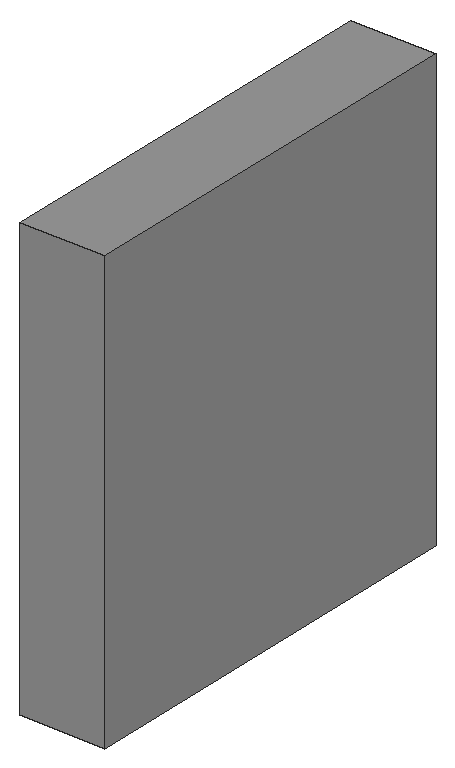
Revit family "PRE050023-FR", category Accessoire de canalisation, Revit 2017
Family settings
  Cote de connecteur circulaire = Utiliser le diamètre
  Type d'élément = Normal
  Basée sur le plan de construction = Non
  Toujours verticalement = Oui
  Couper avec des vides une fois chargée = Non
  Partagée = Non
Parameters (values of type "75128 Presto Sanifirst Mitigeur hospitalier à bec fixe ou ajustable, démontable - Modul'Mix")
  Variantes = "75128-75148-75164-75716-75718"
  LC = 15 mm
  Garantie = "10 ans contre tout vice de fabrication"
  URL Fabricant = "http://www.prestodatashare.com/centretelechargement/index.php?lang=FR&refs=75128"
  URL = "http://www.prestodatashare.com/centretelechargement/index.php?lang=FR&refs=75128"
  Lien notice d'utilisation = "http://www.prestodatashare.com/centretelechargement/support.php?lang=FR&ref=75128"
  Lien fiche produit = "http://www.prestodatashare.com/espacedoc/Fiches_Techniques/FR/75128.pdf"
  Reference = "75128"
  Pression = "3 bars"
  Polantis code = "PRE050023-FR"
  Perte de charge = 0.0 Pa
  Profondeur = 244 mm
  Modèle = "75128 Presto Sanifirst Mitigeur hospitalier à bec fixe ou ajustable, démontable - Modul'Mix"
  Matériau = Laiton poli chromé
  Lien CCTP = "http://www.prestodatashare.com/centretelechargement/index.php?lang=FR&refs=75128"
  Largeur = 50 mm
  PC = 25 mm
  Hauteur = 260 mm
  Fonction = "Mitigeur modul'mix a bec démontable\r\r\nH : 100mm / S :200mm\r\r\ncommande au coude\r\r\nRéférence : 75128"
  Flux = 0.1 L/s
  Finition = "Corps et volants en laiton poli chromé"
  Fabricant = "LES ROBINETS PRESTO S.A."
  Diamètre Nominal = 12 mm
  Description = "Mitigeur hospitalier monotrou (conception modul’mix) sans vidage pour lave-mains, avec commande longue médicale Lg220mm qui évite le contact manuel, utilisation au coude, avant-bras ou poignet. Bec fixe ou orientable, lisse et démontable pour la désinfection Lg 200mm. Hauteur sous bec 100mm. Hauteur et longueur du bec adaptables sans changer toute la robinetterie. Cartouche céramique Ø 40 multifonction : butée de limitation de température  avec 7 positions de réglage, double débit et réglage possible de 2l à 13,8l/min.  Robinetterie montée d’origine avec un aérateur étoile limitant le risque d’entartrage, supprimant la rétention d’eau, les impuretés et résistant aux chocs chlorés et thermiques. Corps lisse, bec et organe de manœuvre en laiton poli chromé. Flexibles avec gaine SPEX tressée inox M10X1, EP G’3/8, Lg 500mm. Fixation renforcée par une tige inox. Garantie 10 ans. Résistant aux chocs chlorés et thermiques. Marque Sanifirst type mitigeur hospitalier monotrou à bec fixe ou orientable lisse démontable pour lave-mains REF : 75128 ou équivalent approuvé."
  Debit = "Débit entre 4 et 6L/min à 3 bar"
  Raccordement = "Flexibles SPEX 500 mm M10 X 1 EP G'3/8"
  Adresse = "7, RUE RACINE - 92542 MONTROUGE CEDEX FRANCE"
Types (5, lengths in mm): name | Garantie | URL Fabricant | URL | Lien notice d'utilisation | Lien fiche produit | Reference | Polantis code | Modèle | Lien CCTP | Fonction | Description | Raccordement
  75718 Presto Sanifirst Mitigeur hospitalier à bec fixe ou ajustable, démontable, avec cartouche à équilibrage de pression - Modul'Mix | "10 ans contre tout vice de fabrication" | "http://www.prestodatashare.com/centretelechargement/index.php?lang=FR&refs=75718" | "http://www.prestodatashare.com/centretelechargement/index.php?lang=FR&refs=75718" | "http://www.prestodatashare.com/centretelechargement/support.php?lang=FR&ref=75718" | "http://www.prestodatashare.com/espacedoc/Fiches_Techniques/FR/75718.pdf" | "75718" | "PRE050023d-FR" | "75718 Presto Sanifirst Mitigeur hospitalier à bec fixe ou ajustable, démontable, avec cartouche à équilibrage de pression - Modul'Mix" | "http://www.prestodatashare.com/centretelechargement/index.php?lang=FR&refs=75718" | "Mitigeur modul'mix a bec démontable\r\r\nH : 100mm / S : 200mm\r\r\ncommande au coude\r\r\nequilibrage de pression\r\r\nRéférence : 75718" | "Mitigeur hospitalier monotrou (conception modul’mix) sans vidage pour lave-mains, avec commande longue médicale Lg 170mm qui évite le contact manuel, utilisation au coude, avant-bras ou poignet. Bec fixe ou orientable, lisse et démontable pour la désinfection Lg 200mm. Hauteur sous bec 100mm. Hauteur et longueur du bec adaptables sans changer toute la robinetterie. Cartouche céramique Ø 40 équilibrage de pression : butée de limitation de température  avec 7 positions de réglage, double débit et clapets anti retour intégrés.  Robinetterie montée d’origine avec un aérateur étoile limitant le risque d’entartrage, supprimant la rétention d’eau, les impuretés et résistant aux chocs chlorés et thermiques. Corps lisse, bec et organe de manœuvre en laiton poli chromé. Flexibles avec gaine SPEX tressée inox M10X1, EP G’3/8, Lg 500mm. Fixation renforcée par une tige inox. Garantie 10 ans. Résistant aux chocs chlorés et thermiques. Marque Sanifirst type mitigeur hospitalier équilibrage de pression monotrou à bec fixe ou orientable lisse démontable pour lave-mains REF : 75718 ou équivalent approuvé." | "Flexibles avec gaine SPEX tressée inox M10X1, EP G’3/8, Lg 350mm."
  75716 Presto Sanifirst Mitigeur hospitalier monotrou à bec fixe ou ajustable, décliptable - Modul'Mix | "10 ans contre tout vice de fabrication" | "http://www.prestodatashare.com/centretelechargement/index.php?lang=FR&refs=75716" | "http://www.prestodatashare.com/centretelechargement/index.php?lang=FR&refs=75716" | "http://www.prestodatashare.com/centretelechargement/support.php?lang=FR&ref=75716" | "http://www.prestodatashare.com/espacedoc/Fiches_Techniques/FR/75716.pdf" | "75716" | "PRE050023c-FR" | "75716 Presto Sanifirst Mitigeur hospitalier monotrou à bec fixe ou ajustable, décliptable - Modul'Mix" | "http://www.prestodatashare.com/centretelechargement/index.php?lang=FR&refs=75716" | "Mitigeur modul'mix a bec décliptable\r\r\nH : 100mm / S : 200mm\r\r\ncommande au coude\r\r\nRéférence : 75716" | "Mitigeur hospitalier monotrou (conception modul’mix) sans vidage pour lave-mains, avec commande longue médicale Lg 170mm qui évite le contact manuel, utilisation au coude, avant-bras ou poignet. Bec fixe ou orientable, lisse et décliptable avec obturation pour la désinfection Lg 200mm. Hauteur sous bec 100mm. Hauteur et longueur du bec adaptables sans changer toute la robinetterie. Cartouche céramique Ø 40 multifonction : butée de limitation de température  avec 7 positions de réglage, double débit et réglage possible de 2l à 13,8l/min.  Robinetterie montée d’origine avec un aérateur étoile limitant le risque d’entartrage, supprimant la rétention d’eau, les impuretés et résistant aux chocs chlorés et thermiques. Corps lisse, bec et organe de manœuvre en laiton poli chromé. Flexibles avec gaine SPEX tressée inox M10X1, EP G’3/8, Lg 500mm. Fixation renforcée par une tige inox. Garantie 10 ans. Résistant aux chocs chlorés et thermiques. Marque Sanifirst type mitigeur hospitalier monotrou à bec fixe ou orientable lisse décliptable pour lave-mains REF : 75716 ou équivalent approuvé." | "Flexibles SPEX 500 mm M10 X 1 EP G'3/8"
  75164 Presto Sanifirst Mitigeur hospitalier à bec fixe ou ajustable, démontable - Modul'Mix | "10 ans contre tout vice de fabrication" | "http://www.prestodatashare.com/centretelechargement/index.php?lang=FR&refs=75164" | "http://www.prestodatashare.com/centretelechargement/index.php?lang=FR&refs=75164" | "http://www.prestodatashare.com/centretelechargement/support.php?lang=FR&ref=75164" | "http://www.prestodatashare.com/espacedoc/Fiches_Techniques/FR/75164.pdf" | "75164" | "PRE050023b-FR" | "75164 Presto Sanifirst Mitigeur hospitalier à bec fixe ou ajustable, démontable - Modul'Mix" | "http://www.prestodatashare.com/centretelechargement/index.php?lang=FR&refs=75164" | "Mitigeur électronique pile\r\r\nHauteur sous bec : 100 mm\r\r\nSaillie : 200 mm\r\r\nRéférence : 75164" | "Mitigeur hospitalier électronique pile monotrou (conception modul’mix) sans vidage pour lave-mains,livré avec commande sphérique chromée permettant le réglage de la température (commande longue disponible sur demande). Bec fixe ou orientable, lisse et démontable pour la désinfection Lg 200mm. Hauteur sous bec 100mm. Hauteur et longueur du bec adaptables sans changer toute la robinetterie. Cartouche céramique Ø 40 multifonction : butée de limitation de température  avec 7 positions de réglage, débit bloqué réglage. Cellule infra-rouge intégrée dans le corps, démontable sans dépose du robinet.  Boitier d’alimentation IP65 avec pile lithium 6V. Robinetterie montée d’origine avec un aérateur étoile limitant le risque d’entartrage, supprimant la rétention d’eau, les impuretés et résistant aux chocs chlorés et thermiques. Corps lisse, bec et organe de manœuvre en laiton poli chromé. Flexibles avec gaine SPEX tressée inox M10X1, EP G’3/8, Lg 500mm, filtres, électrovannes avec membrane silicone M G’3/8. Fixation renforcée par une tige inox. Garantie 10 ans. Résistant aux chocs chlorés et thermiques. Programme de prévention « anti-bactérie » personnalisable (purges, fréquences, durée, etc) Marque Sanifirst type mitigeur hospitalier électronique secteur monotrou à bec fixe ou orientable lisse pour lave-mains REF : 75164 ou équivalent approuvé." | "Flexibles SPEX 500 mm M10 X 1 EP G'3/8"
  75128 Presto Sanifirst Mitigeur hospitalier à bec fixe ou ajustable, démontable - Modul'Mix | "10 ans contre tout vice de fabrication" | "http://www.prestodatashare.com/centretelechargement/index.php?lang=FR&refs=75128" | "http://www.prestodatashare.com/centretelechargement/index.php?lang=FR&refs=75128" | "http://www.prestodatashare.com/centretelechargement/support.php?lang=FR&ref=75128" | "http://www.prestodatashare.com/espacedoc/Fiches_Techniques/FR/75128.pdf" | "75128" | "PRE050023-FR" | "75128 Presto Sanifirst Mitigeur hospitalier à bec fixe ou ajustable, démontable - Modul'Mix" | "http://www.prestodatashare.com/centretelechargement/index.php?lang=FR&refs=75128" | "Mitigeur modul'mix a bec démontable\r\r\nH : 100mm / S :200mm\r\r\ncommande au coude\r\r\nRéférence : 75128" | "Mitigeur hospitalier monotrou (conception modul’mix) sans vidage pour lave-mains, avec commande longue médicale Lg220mm qui évite le contact manuel, utilisation au coude, avant-bras ou poignet. Bec fixe ou orientable, lisse et démontable pour la désinfection Lg 200mm. Hauteur sous bec 100mm. Hauteur et longueur du bec adaptables sans changer toute la robinetterie. Cartouche céramique Ø 40 multifonction : butée de limitation de température  avec 7 positions de réglage, double débit et réglage possible de 2l à 13,8l/min.  Robinetterie montée d’origine avec un aérateur étoile limitant le risque d’entartrage, supprimant la rétention d’eau, les impuretés et résistant aux chocs chlorés et thermiques. Corps lisse, bec et organe de manœuvre en laiton poli chromé. Flexibles avec gaine SPEX tressée inox M10X1, EP G’3/8, Lg 500mm. Fixation renforcée par une tige inox. Garantie 10 ans. Résistant aux chocs chlorés et thermiques. Marque Sanifirst type mitigeur hospitalier monotrou à bec fixe ou orientable lisse démontable pour lave-mains REF : 75128 ou équivalent approuvé." | "Flexibles SPEX 500 mm M10 X 1 EP G'3/8"
  75148 Presto Sanifirst Mitigeur électronique sur secteur à bec fixe ou ajustable, démontable - Modul'Mix | "3 ans contre tout vice de fabrication" | "http://www.prestodatashare.com/centretelechargement/index.php?lang=FR&refs=75148" | "http://www.prestodatashare.com/centretelechargement/index.php?lang=FR&refs=75148" | "http://www.prestodatashare.com/centretelechargement/support.php?lang=FR&ref=75148" | "http://www.prestodatashare.com/espacedoc/Fiches_Techniques/FR/75148.pdf" | "75148" | "PRE050023a-FR" | "75148 Presto Sanifirst Mitigeur électronique sur secteur à bec fixe ou ajustable, démontable - Modul'Mix" | "http://www.prestodatashare.com/centretelechargement/index.php?lang=FR&refs=75148" | "Mitigeur électronique secteur\r\r\nHauteur sous bec : 100 mm\r\r\nSaillie : 150 mm\r\r\nRéférence : 75148" | "Mitigeur hospitalier électronique secteur monotrou (conception modul’mix) sans vidage pour lave-mains,livré avec commande sphérique chromée permettant le réglage de la température (commande longue disponible sur demande). Bec fixe ou orientable, lisse et démontable pour la désinfection Lg 150mm. Hauteur sous bec 100mm. Hauteur et longueur du bec adaptables sans changer toute la robinetterie. Cartouche céramique Ø 40 multifonction : butée de limitation de température  avec 7 positions de réglage, débit bloqué réglage. Cellule infra-rouge intégrée dans le corps, démontable sans dépose du robinet. Boîtier électronique secteur indépendant IP65, alimentation 230V, sortie 6V. Robinetterie montée d’origine avec un brise-jet étoile limitant le risque d’entartrage, supprimant la rétention d’eau, les impuretés et résistant aux chocs chlorés et thermiques. Corps lisse, bec et organe de manœuvre en laiton poli chromé. Flexibles avec gaine SPEX tressée inox M10X1, EP G’3/8, Lg 500mm, filtres, électrovannes avec membrane silicone M G’3/8. Fixation renforcée par une tige inox. Garantie 3 ans. Résistant aux chocs chlorés et thermiques. Programme de prévention « anti-bactérie » personnalisable (purges, fréquences, durée, etc) Marque Sanifirst type mitigeur hospitalier électronique secteur monotrou à bec fixe ou orientable lisse pour lave-mains REF : 75147 ou équivalent approuvé." | "Flexibles SPEX 500 mm M10 X 1 EP G'3/8"
Reference planes
  plane 1 "Centre (avant/arrière)": y = 0
  plane 2: z = 0
  plane 3 "Centre (gauche/droite)": x = 0
  plane 4: y = -244
  plane 5: x = 50
  plane 6: z = 260
  plane 7: x = 25
  plane 8: z = 1
  plane 9: y = -25
  plane 10: x = 15
  plane 11: x = 35
Forms (mm)
  Extrusion 1, solid, material "Laiton poli chromé" <- "Matériau", detail levels fine
    sketch origin (0, 0, 0) x (1, 0, 0) y (0, 1, 0)
      loop
        line (0, 0) -> (0, -244) -> (50, -244) -> (50, 0) -> (0, 0)
    from 0 to 260
  Extrusion 2, solid, material "Laiton poli chromé" <- "Matériau", detail levels fine
    sketch origin (0, 0, 0) x (1, 0, 0) y (0, 1, 0)
      loop
        circle (15, -25) r 5
    from 0 to 1
  Extrusion 3, solid, material "Laiton poli chromé" <- "Matériau", detail levels fine
    sketch origin (0, 0, 0) x (1, 0, 0) y (0, 1, 0)
      loop
        circle (35, -25) r 5
    from 0 to 1
Cuts and joins
  joined: Extrusion 1, Extrusion 2, Extrusion 3
Dimensions and locks
  "Profondeur": plane 1 "Centre (avant/arrière)" to plane 4
  "Largeur": plane 3 "Centre (gauche/droite)" to plane 5
  "Hauteur": plane 6 to level
  equal spacing: plane 3 "Centre (gauche/droite)", plane 7, plane 5
  locked: plane 8 to plane 2 at 1
  "PC": plane 1 "Centre (avant/arrière)" to plane 9
  "LC": plane 3 "Centre (gauche/droite)" to plane 10
  "LC": plane 11 to plane 5
  aligned and locked: level to plane 2
  aligned and locked: plane 1 "Centre (avant/arrière)" to Extrusion 1 sketch curve
  aligned and locked: plane 3 "Centre (gauche/droite)" to Extrusion 1 sketch curve
  aligned and locked: plane 4 to Extrusion 1 sketch curve
  aligned and locked: plane 5 to Extrusion 1 sketch curve
  aligned and locked: plane 6 to Extrusion 1
  aligned and locked: plane 8 to Extrusion 2
  aligned and locked: plane 8 to Extrusion 3
  aligned and locked: nested 2 to plane 3 "Centre (gauche/droite)"
  aligned and locked: nested 2 to plane 4
Automatic sketch dimensions
  Extrusion 2 sketch curve to plane 9 = 0 mm
  Extrusion 2 sketch curve to plane 10 = 0 mm
  Extrusion 3 sketch curve to plane 9 = 0 mm
  Extrusion 3 sketch curve to plane 11 = 0 mm
  radius of Extrusion 2 sketch curve = 5 mm
  radius of Extrusion 3 sketch curve = 5 mm
Nested families
  nested 1: "SymboliqueA6" at (0, -25, 0) x (0, 1, 0) z (0, 0, 1), type "SymboliqueA6", detail levels coarse+medium
  nested 2: "S2DA6" at (50, -122, 0) x (0, 1, 0) z (0, 0, 1), type "S2DA6", detail levels coarse+medium
Connectors
  piping at (15, -25, 0), diameter 12, driven by "Diamètre Nominal", driven by "Flux", driven by "Perte de charge"
    settings: on Extrusion 2, index 3, connector inside diameter 609.6 mm, connector length 0 mm, flow factor 0, pipe flow 0.1 L/s, pressure drop 0.0 Pa, fitting loss kfactor 0, connector angle 0.00°, fixture units 0, engagement length 0 mm, angle of deflection 0.00°, flow configuration 0, flow direction 1, fitting loss method 4, system type 19, joint type 0, gender type 0, connector reference index -1, connector utility 0, adjustable connector no, is connector primary yes, connector description ""
  piping at (35, -25, 0), diameter 12, driven by "Flux", driven by "Perte de charge", driven by "Diamètre Nominal"
    settings: on Extrusion 3, index 4, connector inside diameter 609.6 mm, connector length 0 mm, flow factor 0, pipe flow 0.1 L/s, pressure drop 0.0 Pa, fitting loss kfactor 0, connector angle 0.00°, fixture units 0, engagement length 0 mm, angle of deflection 0.00°, flow configuration 0, flow direction 1, fitting loss method 4, system type 20, joint type 0, gender type 0, connector reference index -1, connector utility 0, adjustable connector no, is connector primary no, connector description ""
Definition of nested family "SymboliqueA6"
  Parameters (values of type "SymboliqueA6")
    V = yes
    P = 1000 mm
    L = 1000 mm
    H = 1000 mm
  Reference planes
    plane 1 "Centre (avant/arrière)": y = 0
    plane 2: z = 0
    plane 3 "Centre (gauche/droite)": x = 0
    plane 4: y = -1000
    plane 5: x = -500
    plane 6: x = 500
    plane 7: z = 1000
    plane 8: z = 500
    plane 9: y = -500
  Lines and regions (mm)
    model lines
      curve 1: line (0, -1000, 1000) -> (0, 0, 0)
      curve 2: line (0, 0, 0) -> (0, -1000, 0)
      curve 3: line (0, -1000, 0) -> (0, 0, 1000)
      curve 4: line (0, 0, 1000) -> (0, -1000, 1000)
  Dimensions and locks
    "H": plane 7 to plane 2
    equal spacing: plane 5, plane 3 "Centre (gauche/droite)", plane 6
    "L": plane 5 to plane 6
    equal spacing: plane 7, plane 8, level
    equal spacing: plane 4, plane 9, plane 1 "Centre (avant/arrière)"
    "P": plane 1 "Centre (avant/arrière)" to plane 4
    aligned and locked: level to plane 2
  Automatic sketch dimensions
    curve 3 to level = 0 mm
    curve 1 to plane 1 "Centre (avant/arrière)" = 0 mm
    curve 1 to plane 7 = 0 mm
    curve 3 to plane 4 = 0 mm
    curve 3 to plane 1 "Centre (avant/arrière)" = 0 mm
    curve 4 to plane 4 = 0 mm
Definition of nested family "S2DA6"
  Parameters (values of type "S2DA6")
    P = 788.322 mm
    L = 1600 mm
    H = 1250.021 mm
  Reference planes
    plane 1 "Centre (avant/arrière)": y = 0
    plane 2: z = 0
    plane 3 "Centre (gauche/droite)": x = 0
    plane 4: y = 788.322
    plane 5: x = -800
    plane 6: x = 800
    plane 7: y = 394.161
    plane 8: z = 1250.021
    plane 9: z = 625.01
  Lines and regions (mm)
    symbolic lines
      curve 1: line (-800, 788.322, 0) -> (800, 0, 0)
      curve 2: line (800, 0, 0) -> (800, 788.322, 0)
      curve 3: line (800, 788.322, 0) -> (-800, 0, 0)
      curve 4: line (-800, 0, 0) -> (-800, 788.322, 0)
      curve 5: line (800, 0, 1250.021) -> (-800, 0, 1250.021)
      curve 6: line (-800, 0, 1250.021) -> (800, 0, 0)
      curve 7: line (800, 0, 0) -> (-800, 0, 0)
      curve 8: line (800, 0, 1250.021) -> (-800, 0, 0)
      curve 9: line (0, 788.322, 0) -> (0, 0, 1250.021)
      curve 10: line (0, 0, 1250.021) -> (0, 788.322, 1250.021)
      curve 11: line (0, 788.322, 1250.021) -> (0, 0, 0)
      curve 12: line (0, 0, 0) -> (0, 788.322, 0)
  Dimensions and locks
    equal spacing: plane 5, plane 3 "Centre (gauche/droite)", plane 6
    equal spacing: plane 1 "Centre (avant/arrière)", plane 7, plane 4
    "P": plane 1 "Centre (avant/arrière)" to plane 4
    "L": plane 5 to plane 6
    equal spacing: plane 8, plane 9, level
    "H": plane 8 to plane 2
    aligned and locked: level to plane 2
  Automatic sketch dimensions
    plane 1 "Centre (avant/arrière)" to curve 3 = 0 mm
    curve 1 to plane 4 = 0 mm
    curve 3 to plane 4 = 0 mm
    plane 1 "Centre (avant/arrière)" to curve 2 = 0 mm
    curve 3 to plane 6 = 0 mm
    curve 4 to plane 5 = 0 mm
    curve 10 to plane 1 "Centre (avant/arrière)" = 0 mm
    curve 10 to plane 8 = 0 mm
    curve 11 to plane 4 = 0 mm
    curve 12 to level = 0 mm
    curve 12 to plane 1 "Centre (avant/arrière)" = 0 mm
    curve 12 to plane 4 = 0 mm
    plane 5 to curve 5 = 0 mm
    curve 8 to level = 0 mm
    plane 5 to curve 8 = 0 mm
    plane 6 to curve 7 = 0 mm
    plane 6 to curve 8 = 0 mm
    curve 6 to plane 8 = 0 mm
